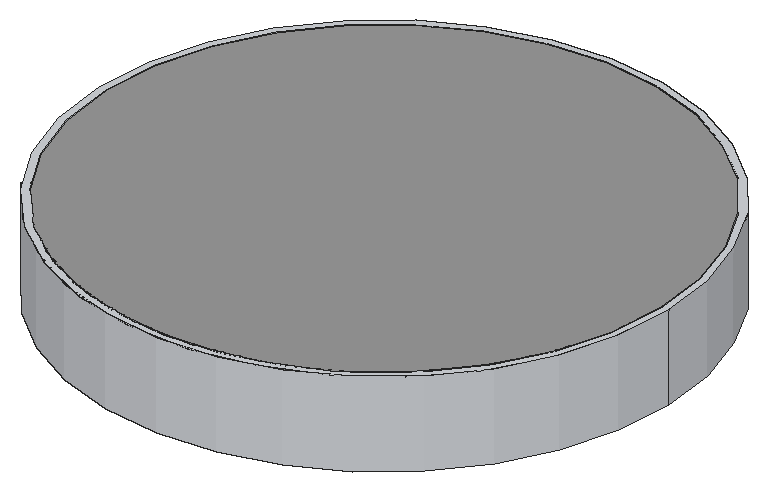
Revit family "2071134", category Lighting Fixtures, host Face, Revit 2018
Family settings
  Host = Face
  Round Connector Dimension = Use Diameter
  Part Type = Normal
  OmniClass Number = 23.80.70.00
  OmniClass Title = Lighting
  Cut with Voids When Loaded = No
  Light Source = Yes
  Shared = No
  Room Calculation Point = No
Parameters (values of type "2071134 COLOSSAL 400 830 OP DIR+H WHT DALI EM")
  iner diameter = 390 mm
  Weight = "n/a"
  Wattage Comments = ""
  Wattage = 30 W
  WarrantyStartDate [instance] = "n/a"
  WarrantyGuarantorParts = "n/a"
  WarrantyDurationUnit = "n/a"
  WarrantyDurationParts = ""
  WarrantyDescription = "http://www.sylvania-lighting.com"
  built-in parameter 1150110 = 1 (stored number, unit not read)
  Voltage = 230 V
  URL = "0.95"
  TypeName = "COLOSSAL 400mm 830 OPAL DIR+HAL WHITE DALI EM"
  Type Image = <None>
  Type Comments = "n/a"
  built-in parameter 1114217 = 1 (stored number, unit not read)
  Tilt Angle = -90.00°
  built-in parameter 1150109 = 1 (stored number, unit not read)
  built-in parameter 1150134 = (empty or 0)
  built-in parameter 1150113 = 1 (stored number, unit not read)
  SerialNumber [instance] = "n/a"
  Photometric Web File = "2071134.ies"
  Material_3_SYL = LED-Sylvania
  PowerFactor = 0
  PowerConsumption = "Lighting"
  NominalLength = 400 mm
  NominalHeight = 93 mm
  NominalDepth = 400 mm
  Name = "COLOSSAL 400mm 830 OPAL DIR+HAL WHITE DALI EM"
  ModelReference = Name  # "COLOSSAL 400mm 830 OPAL DIR+HAL WHITE DALI EM"
  ModelNumber = "2071134"
  Model = Name  # "COLOSSAL 400mm 830 OPAL DIR+HAL WHITE DALI EM"
  Material = "Feilo Sylvania"
  ManufacturerName = "120 lm/W"
  Manufacturer = ""
  LuminousEfficacy = ""
  built-in parameter 1150105 = 270.44 (stored number, unit not read)
  Lumens = 3398.4 lm
  LuminaireType = "0"
  built-in parameter 1150115 = 1 (stored number, unit not read)
  LightOutputRatio = "LED"
  built-in parameter 1150137 = (empty or 0)
  built-in parameter 1150139 = (empty or 0)
  LampsType = Lamp  # "n/a"
  LampNominalLuminous = "3000 K"
  LampMacAdamStep = "80"
  LampColourTemperature = "LED"
  LampColourRenderingIndex = "16500"
  built-in parameter 1150112 = 1 (stored number, unit not read)
  built-in parameter 1150114 = 1 (stored number, unit not read)
  Lamp = "n/a"
  Keynote = "n/a"
  InstallationDate [instance] = "n/a"
  InputVoltage = "0"
  InputNominalFrequency = "3000"
  built-in parameter 1150132 = (empty or 0)
  built-in parameter 1150102 = (empty or 0)
  built-in parameter 1150107 = 3000 (stored number, unit not read)
  built-in parameter 1150138 = (empty or 0)
  IngressProtection = "IfcLightFixtureType"
  ImpactProtectionIndex = "IfcLightFixtureType"
  built-in parameter 1150106 = 2.7044 (stored number, unit not read)
  IfcExportType = "IfcLightFixtureType"
  IfcExportAs = "Class I"
  Emit from Circle Diameter = 385 mm
  Emit Shape Visible in Rendering = no
  ElectricShockClassification = "120"
  built-in parameter 1150104 = 10.524 (stored number, unit not read)
  DocumentationLiterature = "http://www.sylvania-lighting.com/product/en-int/products/2071134"
  DimmingControlOptions = "n/a"
  Material_2_SYL = Polycarbonate_Sylvania_White
  Dimming Lamp Color Temperature Shift = <None>
  Description = "400mm diameter circular architectural luminaire, can be surface mounted or suspended. Powder coated aluminium housing (RAL9016) with polycarbonate opal diffuser. Direct/indirect (halo) light distribution, 2550lm luminuous flux, 21.2W system power, 120lm/W luminiaire efficacy. DALI dimmable. 3 hours integrated emergency. Colour rendering index Ra >80, 3000K Warm White LED, chromaticity tolerance of 3-step MacAdam ellipse. IP40, IK03. 450mA drive current. Electrical protection Class1, 220-240V. Reported lifetime 66k hours L90B10."
  Default Elevation = 1219.2 mm
  CreatedOn = "22/03/2022"
  CreatedBy = "@sylvania-lighting.com"
  Cost = 0
  Color Filter = 16777215
  built-in parameter 1114216 [instance] = (empty or 0)
  ClassificationValue = "EF_70_80"
  ClassificationName = "Uniclass2015"
  Material_1_SYL = Polycarbonate_Sylvania_Opal
  BarCode [instance] = "n/a"
  built-in parameter 1114218 = 1 (stored number, unit not read)
  built-in parameter 1150133 = 10 (stored number, unit not read)
  AssetType = "Fixed"
  AssetIdentifier [instance] = "n/a"
  Assembly Code = "D5020200"
  Apparent Load = 21.2 VA
  Material_4_SYL = none
Reference planes
  plane 1 "Center (Front/Back)": y = 0
  plane 2: z = 0
  plane 3 "Center (Left/Right)": x = 0
  plane 4: x = -200
  plane 5: x = 200
  plane 6: y = 200
  plane 7: y = -200
  plane 8: y = 236
  plane 9: y = -236
  plane 10: z = 93
  plane 11: y = 195
  plane 12: y = -195
  plane 13: y = 90.5
  plane 14: y = 144.5
  plane 15: through (52.25, 90.5, 1219.2) normal (0.866, 0.5, 0)
  plane 16: through (52.25, 90.5, 1219.2) normal (0.866, 0.5, 0)
  plane 17: through (63.706, 126.657, 1219.2) normal (0.866, 0.5, 0)
  plane 18: through (-104.5, 0, 1219.2) normal (-0.866, 0.5, 0)
  plane 19: through (-142.394, -9.633, 1219.2) normal (-0.866, 0.5, 0)
  plane 20: y = -90.5
  plane 21: y = -118.5
  plane 22: through (85.371, -141.133, 1219.2) normal (-0.866, 0.5, 0)
  plane 23: through (52.25, -90.5, 1219.2) normal (-0.866, 0.5, 0)
  plane 24: through (-161.658, 0, 1219.2) normal (0.866, 0.5, 0)
  plane 25: through (-172.12, 9.121, 1219.2) normal (0.866, 0.5, 0)
  plane 26: through (-104.5, 0, 1219.2) normal (0.866, 0.5, 0)
Forms (mm)
  Extrusion 1, solid, detail levels medium+fine
    sketch origin (0, 0, 0) x (1, 0, 0) y (0, 1, 0)
      loop
        circle (0, 0) r 200
    from 33.023 to 93
  Extrusion 2, void
    sketch origin (0, 0, 0) x (1, 0, 0) y (0, 1, 0)
      loop
        circle (0, 0) r 195
    from 93 to 37.292
  Extrusion 3, solid, material "Glass, White, High Luminance", detail levels fine
    sketch origin (0, 0, 0) x (1, 0, 0) y (0, 1, 0)
      loop
        circle (0, 0) r 195
    from 88.026 to 93
  Extrusion 4, solid, detail levels coarse
    sketch origin (0, 0, 0) x (1, 0, 0) y (0, 1, 0)
      loop
        line (-200, 200) -> (-200, -200) -> (200, -200) -> (200, 200) -> (-200, 200)
    from 0 to 93
  Blend 5, solid, detail levels medium+fine
    base sketch origin (0, 0, 0) x (1, 0, 0) y (0, 1, 0)
      loop
        line (-52.25, 90.5) -> (-104.5, 0) -> (-52.25, -90.5) -> (52.25, -90.5) -> (104.5, 0) -> (52.25, 90.5) -> (-52.25, 90.5)
    top sketch origin (0, 0, 0) x (1, 0, 0) y (0, 1, 0)
      loop
        line (-53.405, 144.5) -> (-149.245, -21.5) -> (-93.242, -118.5) -> (98.438, -118.5) -> (151.843, -26) -> (53.405, 144.5) -> (-53.405, 144.5)
    from 0 to 33.023
Cuts and joins
  Extrusion 2 cuts Extrusion 1
Dimensions and locks
  "NominalDepth": plane 6 to plane 7
  "NominalLength": plane 4 to plane 5
  equal spacing: plane 4, plane 3 "Center (Left/Right)", plane 5
  "iner diameter": plane 11 to plane 12
  equal spacing: plane 11, plane 1 "Center (Front/Back)", plane 12
  equal spacing: plane 6, plane 1 "Center (Front/Back)", plane 7
  "NominalHeight": plane 10 to level
  plane 19 to plane 18 = 28 mm
  radius of Extrusion 2 sketch curve = 195 mm
  aligned and locked: plane 2 to host face
  aligned and locked: level to host face
Automatic sketch dimensions
  host sketch curve to host sketch curve = 2438.4 mm  (x2)
  plane 1 "Center (Front/Back)" to Extrusion 1 sketch curve = 0 mm
  Extrusion 1 sketch curve to plane 3 "Center (Left/Right)" = 0 mm
  plane 1 "Center (Front/Back)" to Extrusion 2 sketch curve = 0 mm
  Extrusion 2 sketch curve to plane 3 "Center (Left/Right)" = 0 mm
  plane 1 "Center (Front/Back)" to Extrusion 3 sketch curve = 0 mm
  Extrusion 3 sketch curve to plane 3 "Center (Left/Right)" = 0 mm
  Extrusion 4 sketch curve to plane 4 = 0 mm
  Extrusion 4 sketch curve to plane 5 = 0 mm
  Extrusion 4 sketch curve to plane 7 = 0 mm
  Extrusion 4 sketch curve to plane 6 = 0 mm
  Blend 5 sketch curve to plane 19 = 0 mm  (x2)
  Blend 5 sketch curve to plane 24 = 0 mm  (x2)
  Blend 5 sketch curve to plane 21 = 0 mm
  Blend 5 sketch curve to plane 14 = 0 mm
  Blend 5 sketch curve to plane 17 = 0 mm  (x2)
  Blend 5 sketch curve to plane 22 = 0 mm  (x2)
  radius of Extrusion 1 sketch curve = 200 mm
  radius of Extrusion 3 sketch curve = 195 mm
Connectors
  electrical at (0, 0, 0), driven by "Apparent Load", driven by "PowerFactor", driven by "Voltage"
    settings: index 1, voltage 230 V, apparent load 21.2 VA, apparent load phase1 0 VA, apparent load phase2 0 VA, apparent load phase3 0 VA, power factor 0, load classification "Lighting", number of poles 1, system type 30, power factor state 1, is connector primary yes, connector utility no, sub classification motor no, connector description ""
